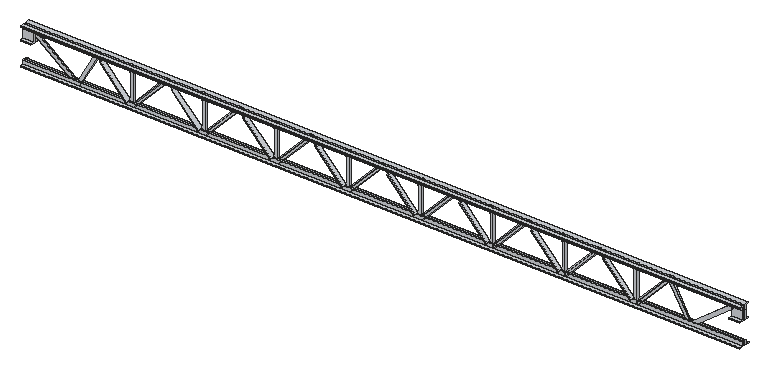
Revit family "M_Viga mestra G", category Quadro estrutural, Revit 2019
Family settings
  Arredondamento do comprimento do framing estrutural = 1 mm
  Forma do corte = Não definido
  Material para o comportamento do modelo = Aço
  Exportar sempre como geometria = Sim
  Número OmniClass = 23.25.30.21.14.11
  Título OmniClass = Metal Joists
  ID de item do Seek = G Joist Girder-0000-CAN-ENU
  Sempre na vertical = Sim
  Corte com vazios quando carregada = Não
  Representação simbólica = Da família
  Compartilhado = Não
  Exibir o pré-corte da família na vista da planta = Sim
Parameters (values of type "508G")
  Espessura da teia = 25 mm
  Visibilidade do membro vertical = yes
  Material estrutural = none
  Deslocamento inicial [instance] = 0 mm
  Extensão inicial do cordão superior [instance] = 0 mm
  SpaceNum [instance] = 10
  Comprimento do assento = 150 mm
  Profundidade do assento [instance] = 190 mm
  LarguraPainel [instance] = Length / SpaceNum  # 1000 mm
  NumMatrizPainel [instance] = SpaceNum - 2  # 8
  Carga de ponto do painel [instance] = 18.00 kN
  Comprimento do deslocamento 2 [instance] = Painel final - Deslocamento final + Extensão final do cordão inferior  # 1000 mm
  Comprimento do deslocamento 1 [instance] = Painel final - Deslocamento inicial + Extensão inicial do cordão inferior  # 1000 mm
  Comprimento do deslocamento [instance] = 0.3 * (Painel final - Deslocamento inicial - Comprimento do assento)  # 255 mm
  Tipo de viga mestre = "G"
  Painel final [instance] = LarguraPainel  # 1000 mm
  Deslocamento final [instance] = 0 mm
  Extensão final do cordão superior [instance] = 0 mm
  Linear = 508 mm
  Perna da corda = 63.5 mm
  Espessura da corda = 12.5 mm
  Extensão inicial do cordão inferior [instance] = 0 mm
  Extensão final do cordão inferior [instance] = 0 mm
  Código de montagem = "B1010350"
  Length [instance] = 10000 mm
Reference planes
  plane 1 "Centro (Frente/Trás)": y = 0
  plane 2: z = 0
  plane 3 "Centro (Esquerda/Direita)": x = 540.246
  plane 4 "Membro esquerdo": x = -3551.39
  plane 5 "Membro direito": x = 3560.61
  plane 6: y = 76
  plane 7: y = -76
  plane 8: z = 254
  plane 9: z = -254
  plane 10 "Esquerda": x = -4459.754
  plane 11 "Símbolo esquerdo de verga": x = -5806.796
  plane 12 "Símbolo direito de verga": x = 6861.987
  plane 13 "Direita": x = 5540.246
  plane 14: z = 64
  plane 15: x = -4309.754
  plane 16: x = -3459.754
  plane 17: x = 5390.246
  plane 18: x = 4540.246
  plane 19: y = 12.5
  plane 20: y = -12.5
  plane 21: z = 190.5
  plane 22: z = -190.5
  plane 23: z = -247.65
  plane 24: z = 247.65
  plane 25: x = -4459.754
  plane 26: x = 5540.246
  plane 27: x = -4459.754
  plane 28: x = 5540.246
  plane 29: x = -3714.754
  plane 30: x = 3540.246
  plane 31: x = 4795.246
  plane 32: x = -4459.754
  plane 33: x = 5540.246
  plane 34 "Esquerda do símbolo": x = -5806.796
  plane 35: x = -5806.796
  plane 36: x = 6861.987
  plane 37 "Direita do símbolo": x = 6861.987
Forms (mm)
  Extrusion 1, solid, material <- "Material estrutural", detail levels medium+fine
    sketch origin (540.246, 0, 0) x (0, 1, 0) y (0, 0, 1)
      loop
        line (76, 254) -> (12.5, 254) -> (12.5, 190.5) -> (25, 190.5) -> (25, 241.5) -> (76, 241.5) -> (76, 254)
      loop
        line (-76, 254) -> (-76, 241.5) -> (-25, 241.5) -> (-25, 190.5) -> (-12.5, 190.5) -> (-12.5, 254) -> (-76, 254)
    from -5000 to 5000
  Extrusion 2, solid, material <- "Material estrutural", detail levels medium+fine
    sketch origin (540.246, 0, 0) x (0, 1, 0) y (0, 0, 1)
      loop
        line (12.5, -190.5) -> (12.5, -254) -> (76, -254) -> (76, -241.5) -> (25, -241.5) -> (25, -190.5) -> (12.5, -190.5)
      loop
        line (-12.5, -190.5) -> (-25, -190.5) -> (-25, -241.5) -> (-76, -241.5) -> (-76, -254) -> (-12.5, -254) -> (-12.5, -190.5)
    from -5000 to 5000
  Extrusion 3, solid, material <- "Material estrutural", detail levels medium+fine
    sketch origin (540.246, 0, 0) x (0, 1, 0) y (0, 0, 1)
      loop
        line (76, 64) -> (76, 76.5) -> (25, 76.5) -> (25, 190.5) -> (12.5, 190.5) -> (12.5, 64) -> (76, 64)
      loop
        line (-76, 64) -> (-12.5, 64) -> (-12.5, 190.5) -> (-25, 190.5) -> (-25, 76.5) -> (-76, 76.5) -> (-76, 64)
    from 4850 to 5000
  Extrusion 4, solid, material <- "Material estrutural", detail levels medium+fine
    sketch origin (540.246, 0, 0) x (0, 1, 0) y (0, 0, 1)
      loop
        line (-76, 64) -> (-12.5, 64) -> (-12.5, 190.5) -> (-25, 190.5) -> (-25, 76.5) -> (-76, 76.5) -> (-76, 64)
      loop
        line (12.5, 64) -> (76, 64) -> (76, 76.5) -> (25, 76.5) -> (25, 190.5) -> (12.5, 190.5) -> (12.5, 64)
    from -5000 to -4850
  Sweep 5, solid, material <- "Material estrutural", detail levels fine
    path in 3D
      loop
        line (4795.246, 0, -247.65) -> (5390.246, 0, 190.5)
    profile "Teia-Perfil : Teia-Perfil" origin (5092.746, 0, -28.575) x (-0.592961, 0, 0.805231) y (0, -1, 0)
      loop
        line (-25.4, 18.85) -> (-25.4, 6.15) -> (25.4, 6.15) -> (25.4, 18.85) -> (-25.4, 18.85)
  Sweep 6, solid, material <- "Material estrutural", detail levels fine
    path in 3D
      loop
        line (4540.246, 0, 190.5) -> (4795.246, 0, -247.65)
    profile "Teia-Perfil : Teia-Perfil" origin (4667.746, 0, -28.575) x (0.864283, 0, 0.503006) y (0, -1, 0)
      loop
        line (-25.4, 6.35) -> (-25.4, -6.35) -> (25.4, -6.35) -> (25.4, 6.35) -> (-25.4, 6.35)
  Sweep 7, solid, material <- "Material estrutural", detail levels fine
    path in 3D
      loop
        line (-4309.754, 0, 190.5) -> (-3714.754, 0, -247.65)
    profile "Teia-Perfil : Teia-Perfil" origin (-4012.254, 0, -28.575) x (0.592961, 0, 0.805231) y (0, -1, 0)
      loop
        line (-25.4, 6.35) -> (-25.4, -6.35) -> (25.4, -6.35) -> (25.4, 6.35) -> (-25.4, 6.35)
  Sweep 8, solid, material <- "Material estrutural", detail levels fine
    path in 3D
      loop
        line (-3714.754, 0, -247.65) -> (-3459.754, 0, 190.5)
    profile "Teia-Perfil : Teia-Perfil" origin (-3587.254, 0, -28.575) x (-0.864283, 0, 0.503006) y (0, -1, 0)
      loop
        line (-25.4, 6.35) -> (-25.4, -6.35) -> (25.4, -6.35) -> (25.4, 6.35) -> (-25.4, 6.35)
Lines and regions (mm)
  symbolic lines, style "StructuralFraming", detail levels coarse
    curve 1: line (0, 76, 254) -> (0, 12.5, 254)
    curve 2: line (0, -76, -254) -> (0, -12.5, -254)
    curve 14: line (0, 12.5, -254) -> (0, 76, -254)
    curve 15: line (540.246, 12.5, -254) -> (540.246, 12.5, -190.5)
    curve 16: line (540.246, -12.5, -254) -> (540.246, -12.5, -190.5)
    curve 17: line (540.246, -12.5, 254) -> (540.246, -12.5, 190.5)
    curve 18: line (540.246, 12.5, 254) -> (540.246, 12.5, 190.5)
    curve 19: line (0, -12.5, 254) -> (0, -76, 254)
  symbolic lines, style "StructuralFraming", detail levels coarse+medium
    curve 3: line (0, 0, -254) -> (0, 0, 254)
  reference lines
    curve 4: line (-5656.796, 0, -377.508) -> (-5656.796, 0, 333.692)
    curve 5: line (-4656.796, 0, -383.858) -> (-4656.796, 0, 333.692)
    curve 6: line (6711.987, 0, -324.588) -> (6711.987, 0, 335.812)
    curve 7: line (5711.987, 0, -451.588) -> (5711.987, 0, 335.812)
  model lines, style "Viga mestra da travessa", detail levels coarse
    curve 8: line (5711.987, 0, -254) -> (-4656.796, 0, -254)
    curve 9: line (6861.987, 0, 254) -> (-5806.796, 0, 254)
  model lines, style "StructuralFraming", detail levels medium
    curve 10: line (-3714.754, 0, -247.65) -> (-3459.754, 0, 190.5)
    curve 11: line (-4309.754, 0, 190.5) -> (-3714.754, 0, -247.65)
    curve 12: line (4540.246, 0, 190.5) -> (4795.246, 0, -247.65)
    curve 13: line (4795.246, 0, -247.65) -> (5390.246, 0, 190.5)
  model lines, style "Caibro da teia", detail levels coarse
    curve 20: line (-4656.796, 0, -254) -> (-5656.796, 0, 254)
    curve 21: line (5711.987, 0, -254) -> (6711.987, 0, 254)
  sketch lines
    curve 22: line (4795.246, 0, -247.65) -> (5390.246, 0, 190.5)
    curve 23: line (4540.246, 0, 190.5) -> (4795.246, 0, -247.65)
    curve 24: line (-4309.754, 0, 190.5) -> (-3714.754, 0, -247.65)
    curve 25: line (-3714.754, 0, -247.65) -> (-3459.754, 0, 190.5)
  symbolic lines, detail levels fine
    curve 26: line (540.246, 12.5, 247.65) -> (540.246, -12.5, 247.65)
    curve 27: line (540.246, 12.5, -247.65) -> (540.246, -12.5, -247.65)
    curve 28: line (540.246, 12.5, -190.5) -> (540.246, 12.5, 190.5)
    curve 29: line (540.246, -12.5, -190.5) -> (540.246, -12.5, 190.5)
Dimensions and locks
  equal spacing: plane 9, plane 2, plane 8
  "Length": plane 10 "Esquerda" to plane 13 "Direita"
  equal spacing: plane 10 "Esquerda", plane 3 "Centro (Esquerda/Direita)", plane 13 "Direita"
  "Painel final": curve 5 to curve 4
  "Painel final": curve 6 to curve 7
  "Linear": plane 9 to plane 8
  "Profundidade do assento": plane 8 to plane 14
  "Painel final": plane 10 "Esquerda" to plane 16
  "Painel final": plane 13 "Direita" to plane 18
  "Espessura da teia": plane 19 to plane 20
  equal spacing: plane 19, plane 1 "Centro (Frente/Trás)", plane 20
  "Perna da corda": plane 20 to plane 7
  "Perna da corda": plane 6 to plane 19
  "Perna da corda": plane 9 to plane 22
  "Perna da corda": plane 21 to plane 8
  "Espessura da corda": plane 8 to Extrusion 1 sketch curve
  "Espessura da corda": Extrusion 1 sketch curve to plane 8
  "Espessura da corda": plane 20 to Extrusion 1 sketch curve
  "Espessura da corda": Extrusion 1 sketch curve to plane 19
  "Espessura da corda": plane 9 to Extrusion 2 sketch curve  (x2)
  "Espessura da corda": Extrusion 2 sketch curve to plane 19
  "Espessura da corda": plane 20 to Extrusion 2 sketch curve
  "Espessura da corda": plane 14 to Extrusion 3 sketch curve  (x2)
  "Espessura da corda": plane 20 to Extrusion 3 sketch curve
  "Espessura da corda": Extrusion 3 sketch curve to plane 19
  "Espessura da corda": plane 14 to Extrusion 4 sketch curve  (x2)
  "Espessura da corda": Extrusion 4 sketch curve to plane 19
  "Espessura da corda": plane 20 to Extrusion 4 sketch curve
  locked: plane 23 to plane 9 at 6.35
  locked: plane 8 to plane 24 at 6.35
  "Deslocamento inicial": plane 10 "Esquerda" to plane 27
  "Comprimento do assento": plane 27 to plane 15
  "Extensão inicial do cordão superior": plane 25 to plane 27
  "Deslocamento final": plane 28 to plane 13 "Direita"
  "Comprimento do assento": plane 17 to plane 28
  "Extensão final do cordão superior": plane 28 to plane 26
  "Comprimento do deslocamento": plane 16 to plane 29
  "LarguraPainel": plane 18 to plane 30
  equal spacing: group 1, group 3, group 4, group 5, group 6, group 7, group 8, group 2  (x3)
  "Comprimento do deslocamento": plane 31 to plane 18
  "Comprimento do deslocamento 1": plane 16 to plane 32
  "Comprimento do deslocamento 2": plane 33 to plane 18
  "Comprimento do assento": curve 4 to plane 35
  "Deslocamento inicial": plane 35 to plane 11 "Símbolo esquerdo de verga"
  "Extensão inicial do cordão superior": plane 35 to plane 34 "Esquerda do símbolo"
  "Comprimento do assento": plane 36 to curve 6
  "Extensão final do cordão superior": plane 37 "Direita do símbolo" to plane 36
  "Deslocamento final": plane 12 "Símbolo direito de verga" to plane 36
  aligned and locked: curve 8 to plane 9
  aligned and locked: curve 9 to plane 8
  aligned and locked: curve 5 to curve 8
  aligned and locked: curve 7 to curve 8
  aligned and locked: plane 8 to Extrusion 1 sketch curve
  aligned and locked: Extrusion 1 sketch curve to plane 8
  aligned and locked: plane 6 to Extrusion 1 sketch curve
  aligned and locked: plane 7 to Extrusion 1 sketch curve
  aligned and locked: Extrusion 1 sketch curve to plane 21
  aligned and locked: plane 21 to Extrusion 1 sketch curve
  aligned and locked: plane 9 to Extrusion 2 sketch curve
  aligned and locked: Extrusion 2 sketch curve to plane 9
  aligned and locked: plane 6 to Extrusion 2 sketch curve
  aligned and locked: plane 7 to Extrusion 2 sketch curve
  aligned and locked: plane 19 to Extrusion 2 sketch curve
  aligned and locked: plane 20 to Extrusion 2 sketch curve
  aligned and locked: Extrusion 2 sketch curve to plane 22
  aligned and locked: plane 22 to Extrusion 2 sketch curve
  aligned and locked: Extrusion 3 sketch curve to plane 7
  aligned and locked: plane 14 to Extrusion 3 sketch curve
  aligned and locked: Extrusion 3 sketch curve to plane 14
  aligned and locked: Extrusion 3 sketch curve to plane 6
  aligned and locked: Extrusion 3 sketch curve to plane 20
  aligned and locked: Extrusion 3 sketch curve to plane 19
  aligned and locked: Extrusion 3 sketch curve to plane 21
  aligned and locked: plane 21 to Extrusion 3 sketch curve
  aligned and locked: Extrusion 3 to plane 17
  aligned and locked: plane 6 to Extrusion 4 sketch curve
  aligned and locked: Extrusion 4 sketch curve to plane 7
  aligned and locked: Extrusion 4 sketch curve to plane 19
  aligned and locked: plane 20 to Extrusion 4 sketch curve
  aligned and locked: plane 21 to Extrusion 4 sketch curve  (x2)
  aligned and locked: Extrusion 4 sketch curve to plane 14  (x2)
  aligned and locked: plane 15 to Extrusion 4
  aligned and locked: Extrusion 2 to curve 15
  aligned and locked: curve 15 to Extrusion 2
  aligned and locked: curve 2 to curve 16
  aligned and locked: curve 16 to Extrusion 2
  aligned and locked: Extrusion 1 to curve 17
  aligned and locked: curve 17 to Extrusion 1
  aligned and locked: curve 18 to Extrusion 1  (x2)
  aligned and locked: curve 1 to Extrusion 1
  aligned and locked: curve 13 to Extrusion 3
  aligned and locked: curve 4 to curve 20
  aligned and locked: curve 6 to curve 21
  aligned and locked: plane 25 to Extrusion 1
  aligned and locked: Extrusion 3 to plane 26
  aligned and locked: Extrusion 1 to plane 26
  aligned and locked: plane 25 to Extrusion 4
  aligned and locked: plane 1 "Centro (Frente/Trás)" to nested 1
  aligned and locked: nested 1 to plane 16
  aligned and locked: plane 9 to nested 1
  aligned and locked: plane 30 to nested 2
  aligned and locked: plane 9 to nested 2
  aligned and locked: plane 15 to curve 11
  aligned and locked: Extrusion 1 to curve 11
  aligned and locked: plane 29 to curve 11
  aligned and locked: plane 23 to curve 10
  aligned and locked: plane 16 to curve 10
  aligned and locked: Extrusion 1 to curve 10
  aligned and locked: Extrusion 1 to curve 12
  aligned and locked: plane 18 to curve 12
  aligned and locked: plane 23 to curve 13
  aligned and locked: plane 31 to curve 13
  aligned and locked: plane 17 to curve 13
  aligned and locked: Extrusion 2 to plane 32
  aligned and locked: plane 33 to Extrusion 2
  aligned and locked: plane 34 "Esquerda do símbolo" to curve 9
  aligned and locked: plane 37 "Direita do símbolo" to curve 9
Automatic sketch dimensions
  Extrusion 1 sketch curve to plane 20 = 0 mm
  Extrusion 1 sketch curve to plane 19 = 0 mm
  curve 14 to plane 6 = 0 mm
  curve 1 to plane 6 = 0 mm
  curve 14 to plane 9 = 0 mm
  curve 14 to plane 19 = 0 mm
  curve 1 to plane 19 = 0 mm
  curve 19 to plane 8 = 0 mm
  curve 19 to plane 20 = 0 mm
  curve 19 to plane 7 = 0 mm
  plane 9 to curve 7 = 197.588 mm
  plane 9 to curve 5 = 129.858 mm
  plane 9 to curve 4 = 123.508 mm
  plane 9 to curve 6 = 70.588 mm
  curve 5 to plane 8 = 79.692 mm
  curve 4 to plane 8 = 79.692 mm
  curve 7 to plane 8 = 81.812 mm
  curve 6 to plane 8 = 81.812 mm
  curve 2 to plane 7 = 0 mm
  curve 2 to plane 9 = 0 mm
  curve 2 to plane 20 = 0 mm
  curve 3 to plane 1 "Centro (Frente/Trás)" = 0 mm
  curve 3 to plane 9 = 0 mm
  curve 27 to plane 23 = 0 mm
  curve 29 to plane 22 = 0 mm
  curve 28 to plane 22 = 0 mm
  curve 18 to plane 21 = 0 mm
  curve 17 to plane 21 = 0 mm
  curve 26 to plane 24 = 0 mm
  curve 3 to plane 8 = 0 mm
Nested families
  nested 1: "Teia angular em G" at (-3459.754, 0, 0), type "Teia angular em G"
  nested 2: "Teia angular em G" at (3540.246, 0, 0), type "Teia angular em G"
  nested 3: "Teia angular em G" at (-2459.754, 0, 0), type "Teia angular em G"
  nested 4: "Teia angular em G" at (-1459.754, 0, 0), type "Teia angular em G"
  nested 5: "Teia angular em G" at (-459.754, 0, 0), type "Teia angular em G"
  nested 6: "Teia angular em G" at (540.246, 0, 0), type "Teia angular em G"
  nested 7: "Teia angular em G" at (1540.246, 0, 0), type "Teia angular em G"
  nested 8: "Teia angular em G" at (2540.246, 0, 0), type "Teia angular em G"
Definition of nested family "Teia angular em G"
  Parameters
    MaterialTeia = none
    Espessura da teia = Espessura / 2  # 12.5 mm
    Deslocamento da teia = Perna da teia / 2  # 25.4 mm
    Perna da teia = 50.8 mm
    Visibilidade do membro vertical = yes
    Espessura = 25 mm
    AlturaPainel = 508 mm
    LarguraPainel = 1000 mm
    Assembly Code = ""
  Reference planes
    plane 1 "Centro (Frente/Trás)": y = 0
    plane 2: z = 0
    plane 3 "Centro (Esquerda/Direita)": x = 0
    plane 4: x = 1000
    plane 5: x = 500
    plane 6: z = -254
    plane 7: z = 228.6
    plane 8: z = 254
    plane 9: y = -12.5
    plane 10: y = 12.5
    plane 11: z = 190.5
    plane 12: z = -190.5
    plane 13: z = -229
  Forms (mm)
    Sweep 1, solid, material <- "MaterialTeia", detail levels fine
      path in 3D
        loop
          line (0, 0, 228.6) -> (25.4, 0, 228.6) -> (474.6, 0, -229) -> (525.4, 0, -229)
      profile origin (12.7, 0, 228.6) x (0, 0, 1) y (0, -1, 0)
        loop
          line (25.4, 0) -> (25.4, 12.5) -> (-25.4, 12.5) -> (-25.4, 0) -> (25.4, 0)
    Sweep 2, solid, material <- "MaterialTeia", detail levels fine
      path in 3D
        loop
          line (1000, 0, 228.6) -> (974.6, 0, 228.6) -> (525.4, 0, -229) -> (474.6, 0, -229)
      profile origin (987.3, 0, 228.6) x (0, 0, -1) y (0, -1, 0)
        loop
          line (-25.4, -12.5) -> (25.4, -12.5) -> (25.4, 0) -> (-25.4, 0) -> (-25.4, -12.5)
    Sweep 3, solid, material <- "MaterialTeia", detail levels fine
      path origin (0, -12.5, 203.2) x (1, 0, 0) y (0, 0, 1)
        loop
          line (472.4, -393.7) -> (98.393, -12.7)
      profile origin (285.397, -12.5, 0) x (-0.713626, 0, -0.700527) y (0, -1, 0)
        loop
          line (0, 0) -> (12.5, 0) -> (12.5, 50.8) -> (0, 50.8) -> (0, 0)
    Sweep 4, solid, material <- "MaterialTeia", detail levels fine
      path origin (1000, 12.5, 203.2) x (-1, 0, 0) y (0, 0, 1)
        loop
          line (472.4, -393.7) -> (98.393, -12.7)
      profile origin (714.603, 12.5, 0) x (0.713626, 0, -0.700527) y (0, 1, 0)
        loop
          line (0, 0) -> (12.5, 0) -> (12.5, 50.8) -> (0, 50.8) -> (0, 0)
    Sweep 5, solid, material <- "MaterialTeia", visible <- "Visibilidade do membro vertical", detail levels fine
      path origin (0, 0, 0) x (1, 0, 0) y (0, 1, 0)
        loop
          line (500, 12.5) -> (500, -12.5)
      profile origin (500, 0, 0) x (1, 0, 0) y (0, 0, 1)
        loop
          line (-25.4, 254) -> (-25.4, 171.45) -> (-14.288, 160.338) -> (-14.288, -160.338) -> (-25.4, -171.45) -> (-25.4, -254) -> (25.4, -254) -> (25.4, 254) -> (-25.4, 254)
  Cuts and joins
    joined: Sweep 1, Sweep 3
    joined: Sweep 2, Sweep 4
  Lines and regions (mm)
    model lines, detail levels medium+fine
      curve 1: line (0, 0, -254) -> (0, 0, 254)
      curve 2: line (0, 0, 254) -> (1000, 0, 254)
      curve 3: line (1000, 0, 254) -> (1000, 0, -254)
      curve 4: line (1000, 0, -254) -> (0, 0, -254)
    model lines, detail levels medium
      curve 5: line (474.6, 0, -229) -> (525.4, 0, -229)
      curve 6: line (0, 0, 228.6) -> (25.4, 0, 228.6)
      curve 7: line (1000, 0, 228.6) -> (974.6, 0, 228.6)
      curve 8: line (25.4, 0, 228.6) -> (474.6, 0, -229)
      curve 9: line (525.4, 0, -229) -> (974.6, 0, 228.6)
    sketch lines
      curve 10: line (0, 0, 228.6) -> (25.4, 0, 228.6)
      curve 11: line (25.4, 0, 228.6) -> (474.6, 0, -229)
      curve 12: line (474.6, 0, -229) -> (525.4, 0, -229)
      curve 13: line (1000, 0, 228.6) -> (974.6, 0, 228.6)
      curve 14: line (525.4, 0, -229) -> (974.6, 0, 228.6)
      curve 15: line (474.6, 0, -229) -> (525.4, 0, -229)
    model lines, visible <- "Visibilidade do membro vertical", detail levels medium
      curve 16: line (500, 0, -229) -> (500, 0, 254)
  Dimensions and locks
    "LarguraPainel": plane 4 to plane 3 "Centro (Esquerda/Direita)"
    equal spacing: plane 4, plane 5, plane 3 "Centro (Esquerda/Direita)"
    "Deslocamento da teia": plane 8 to plane 7
    "AlturaPainel": plane 8 to plane 6
    equal spacing: plane 8, plane 2, plane 6
    "Espessura": plane 10 to plane 9
    equal spacing: plane 10, plane 1 "Centro (Frente/Trás)", plane 9
    locked: plane 8 to plane 11 at 63.5
    plane 12 to plane 6 = 63.5 mm
    "Espessura": plane 13 to plane 6
    "Deslocamento da teia": curve 6 to curve 6
    "Deslocamento da teia": curve 5 to plane 5
    "Deslocamento da teia": plane 5 to curve 5
    "Perna da teia": Sweep 2 sketch curve to Sweep 2 sketch curve
    "Espessura da teia": Sweep 3 sketch curve to Sweep 3 sketch curve
    "Perna da teia": Sweep 3 sketch curve to Sweep 3 sketch curve
    "Espessura da teia": Sweep 2 to Sweep 4 sketch curve
    "Perna da teia": Sweep 4 sketch curve to Sweep 4 sketch curve
    "Perna da teia": plane 8 to Sweep 1 sketch curve
    equal spacing: Sweep 1 sketch curve, plane 7, Sweep 1 sketch curve
    equal spacing: Sweep 2 sketch curve, profile plane, Sweep 2 sketch curve
    "Deslocamento da teia": curve 7 to curve 3
    equal spacing: Sweep 5 sketch curve, plane 5, Sweep 5 sketch curve
    "Perna da teia": Sweep 5 sketch curve to Sweep 5 sketch curve
    locked: Sweep 5 sketch curve to Sweep 5 sketch curve at 82.55  (x2)
    locked: Sweep 5 sketch curve to Sweep 5 sketch curve at 11.112
    equal spacing: Sweep 5 sketch curve, plane 2, Sweep 5 sketch curve
    locked: Sweep 5 sketch curve to Sweep 5 sketch curve (angle 45.00°)  (x2)
    aligned and locked: plane 8 to curve 2
    aligned and locked: plane 7 to curve 6
    aligned and locked: plane 3 "Centro (Esquerda/Direita)" to curve 6
    aligned and locked: curve 5 to plane 13
    aligned and locked: Sweep 1 sketch curve to plane 9
    aligned and locked: plane 1 "Centro (Frente/Trás)" to Sweep 1 sketch curve
    aligned and locked: Sweep 2 sketch curve to profile plane
    aligned and locked: plane 10 to Sweep 2 sketch curve
    aligned and locked: plane 9 to Sweep 3 sketch curve
    aligned and locked: Sweep 1 to Sweep 3 sketch curve
    aligned and locked: plane 11 to Sweep 3 sketch curve
    aligned and locked: plane 12 to Sweep 3 sketch curve
    aligned and locked: Sweep 2 to Sweep 4 sketch curve  (x2)
    aligned and locked: plane 11 to Sweep 4 sketch curve
    aligned and locked: plane 12 to Sweep 4 sketch curve
    aligned and locked: curve 7 to plane 7
    aligned and locked: curve 4 to plane 6
    aligned and locked: plane 4 to curve 3
    aligned and locked: plane 5 to Sweep 5 sketch curve
    aligned and locked: plane 10 to Sweep 5 sketch curve
    aligned and locked: plane 9 to Sweep 5 sketch curve
    aligned and locked: plane 8 to Sweep 5 sketch curve
    aligned and locked: Sweep 5 sketch curve to plane 6
    aligned and locked: curve 16 to plane 5
    aligned and locked: curve 16 to plane 8
    aligned and locked: plane 13 to curve 16
  Automatic sketch dimensions
    Sweep 3 sketch curve to profile plane = 0 mm
    Sweep 4 sketch curve to profile plane = 0 mm
Types in the file's own list only (13): name | Visibilidade do membro vertical | Linear | Perna da corda | Espessura da corda
  610G | Sim | 610 mm | 64 mm | 13 mm
  711G | Sim | 711 mm | 64 mm | 13 mm
  813G | Sim | 813 mm | 64 mm | 13 mm
  914G | Sim | 914 mm | 64 mm | 13 mm
  1016G | Sim | 1016 mm | 64 mm | 13 mm
  1118G | Sim | 1118 mm | 64 mm | 13 mm
  1219G | Sim | 1219 mm | 64 mm | 13 mm
  1321G | Sim | 1321 mm | 64 mm | 13 mm
  1422G | Sim | 1422 mm | 64 mm | 13 mm
  1524G | Sim | 1524 mm | 64 mm | 13 mm
  1626G | Sim | 1626 mm | 64 mm | 13 mm
  1727G | Sim | 1727 mm | 64 mm | 13 mm
  1829G | Sim | 1829 mm | 64 mm | 13 mm
